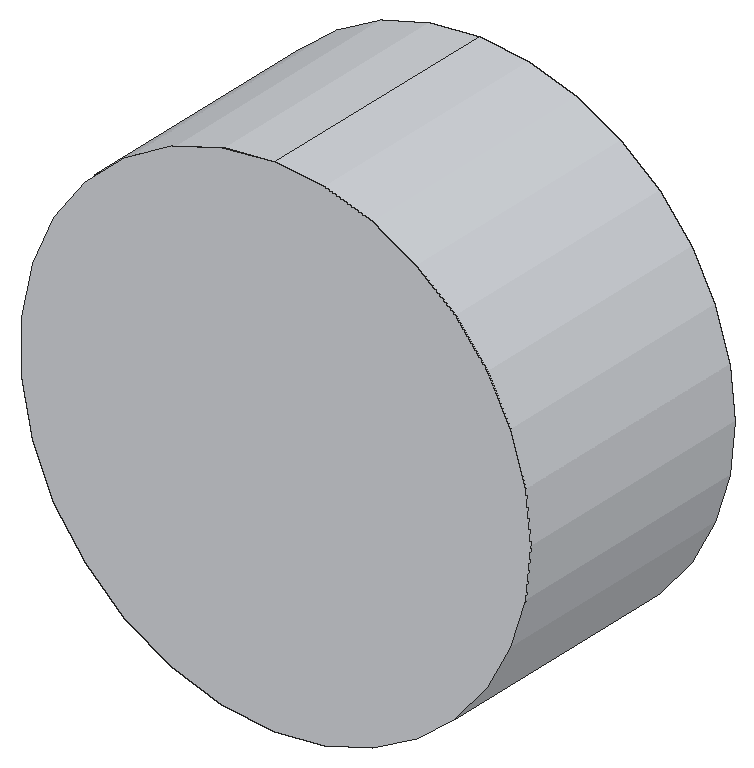
Revit family "E109_27L", category Plumbing Fixtures, Revit 2023
Family settings
  Round Connector Dimension = Use Diameter
  Part Type = Normal
  OmniClass Number = 23.45.55.17
  OmniClass Title = Mixing Faucets
  Work Plane-Based = No
  Enable Cutting in Views = Yes
  Always vertical = Yes
  Cut with Voids When Loaded = No
  Maintain Annotation Orientation = No
  Shared = No
  Room Calculation Point = No
Parameters (values of type "Standard")
  Waste Connection = no
  Vent Connection = no
  URL = "www.fvandina.com"
  Title = "Juego de Ducha FIORI LEVER"
  Teléfono de contacto = "FV Responde 1800 38 38 38"
  Presión = "60 PSI"
  Part Number = "E109/27L"
  Model = "E109/27L"
  Material = "Latón"
  Manufacturer = "FV – ÁREA ANDINA S.A."
  Instalación = "https://fvandina.com/producto/506-juego-de-ducha-fiori-lever/"
  HW Connection = yes
  Garantía = "GARANTÍA TOTAL FV - DETALLES EN PÁGINA WEB"
  Dirección fabricante = "KM 25, VÍA SANGOLQUÍ AMAGUAÑA - PICHINCHA - ECUADOR"
  Description = "Juego de Ducha FIORI LEVER"
  Default Elevation = 0' - 0"
  Cota largo = "63 mm"
  Cota ancho = "304 mm"
  Cota alto = "76 mm"
  Consumo agua grifería = "9.5 l/min"
  Connector_1_Diameter = 0' - 0.70866"
  Conexión hidráulica = "½ x 14 NPT"
  Company = "FV - GRIFERÍA, SANITARIOS, COMPLEMENTOS"
  Certificación = "INEN"
  Catalog web link = "https://fvandina.com/producto/506-juego-de-ducha-fiori-lever/"
  CW Connection = yes
  Acabado = "Cromo"
Reference planes (in)
  plane 1 "Center (Front/Back)": y = 0
  plane 2: z = 0
  plane 3 "Center (Left/Right)": x = 0
Forms (in)
  Extrusion 1, solid
    sketch origin (0, 0, 11.81102) x (0, 0, -1) y (1, 0, 0)
      loop
        circle (0, 0) r 0.12
    from 0 to -0.12
Dimensions and locks (in)
  aligned and locked: plane 2 to level
Connectors (in)
  piping at (0, 0, 11.81102), diameter 0.70866, driven by "Connector_1_Diameter"
    settings: on Extrusion 1, index 1, connector inside diameter 24", connector length 0' - 0", flow factor 0, pipe flow 0 GPM, pressure drop 0.00 psi, fitting loss kfactor 0, connector angle 0.00°, fixture units 0, engagement length 0' - 0", angle of deflection 0.00°, flow configuration 1, flow direction 1, fitting loss method 0, system type 20, joint type 0, gender type 0, connector reference index -1, connector utility 0, adjustable connector no, is connector primary yes, connector description ""
